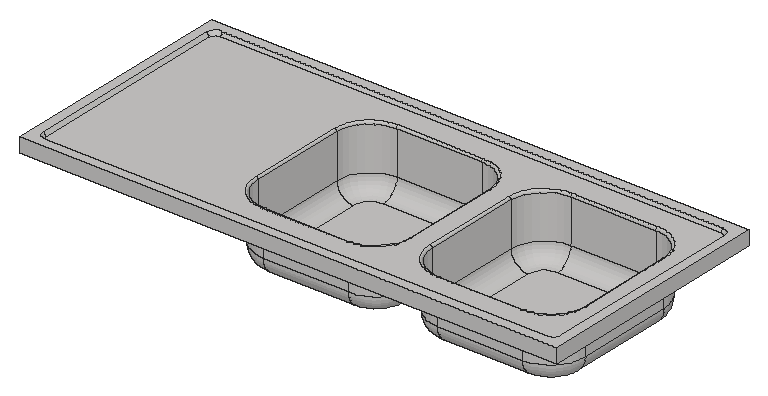
Revit family
Parameters (values of type "1200 X 535")
  Waste Connection Diameter = 40 mm
  Width Of Bowl = 370 mm
  Waste Connection Radius = Waste Connection Diameter / 2  # 20 mm
  Waste Connection = 1 = 1  # yes
  WFU = 0
  Vent Connection = 1 = 0  # no
  URL = "http://www.autospec.co.za/browse.php?id=1937217983"
  Product Code = "SSO-1200-DE"
  OmniClass Title = ""
  OmniClass Number = ""
  Modspec Classification = ""
  Specification = ""
  Material = Stainless Steel Grade 304
  Location (revit room) = ""
  Length Of Bowl = 340 mm
  HW Connection = 1 = 0  # no
  Description = ""
  Depth Of Bowl = 150 mm
  Colour = none
  CW Connection = 1 = 0  # no
  Body Finish = none
  Width = 535 mm
  Model = "Right Hand Sit-On Sink Double End Bowl SSO-1200-DE"
  Manufacturer = "Kwikot"  # constant formula
  Length = 1200 mm
  Assembly Code = "D2010410"
Reference planes
  plane 1 "Center (Front/Back)": y = 0
  plane 2 "Bottom": z = 0
  plane 3 "Center (Left/Right)": x = 0
  plane 4 "Right": x = 1200
  plane 5 "Back": y = 535
  plane 6 "Top": z = 150
  plane 7: z = 118
  plane 8: x = 405
  plane 9: x = 745
  plane 10: y = 267.5
  plane 11: y = 452.5
  plane 12: y = 82.5
  plane 13: x = 575
  plane 14: z = 142
  plane 15: x = 795
  plane 16: x = 1135
  plane 17: x = 965
Forms (mm)
  Sweep 1, solid, material "Stainless Steel Grade 304" <- "Material"
    path origin (-60.109, -1524, 150) x (-1, 0, 0) y (0, -1, 0)
      loop
        line (-60.109, -2059) -> (-60.109, -1524) -> (-1260.109, -1524) -> (-1260.109, -2059) -> (-60.109, -2059)
    profile origin (600, 535, 150) x (0, 1, 0) y (0, 0, 1)
      loop
        line (-15, 0) -> (-15, -10.5) -> (-2.5, -10.5) -> (-2.5, -29.5) -> (-10, -29.5) -> (-10, -32) -> (0, -32) -> (0, 0) -> (-15, 0)
  Extrusion 2, solid, material "Stainless Steel Grade 304" <- "Material"
    sketch origin (-60.109, -1524, 150) x (-1, 0, 0) y (0, -1, 0)
      loop
        line (-75.109, -1539) -> (-1245.109, -1539) -> (-1245.109, -2044) -> (-75.109, -2044) -> (-75.109, -1539)
    from 0 to -10.5
  Extrusion 3, void
    sketch origin (-60.109, -1524, 150) x (0, -1, 0) y (-1, 0, 0)
      loop
        line (-1976.5, -540.109) -> (-1976.5, -730.109)
        arc (-1976.5, -730.109) -> (-1954.533, -783.142) -> (-1901.5, -805.109) r 75
        line (-1901.5, -805.109) -> (-1681.5, -805.109)
        arc (-1681.5, -805.109) -> (-1628.467, -783.142) -> (-1606.5, -730.109) r 75
        line (-1606.5, -730.109) -> (-1606.5, -540.109)
        arc (-1606.5, -540.109) -> (-1628.467, -487.076) -> (-1681.5, -465.109) r 75
        line (-1681.5, -465.109) -> (-1901.5, -465.109)
        arc (-1901.5, -465.109) -> (-1954.533, -487.076) -> (-1976.5, -540.109) r 75
      loop
        line (-1976.5, -930.109) -> (-1976.5, -1120.109)
        arc (-1976.5, -1120.109) -> (-1954.533, -1173.142) -> (-1901.5, -1195.109) r 75
        line (-1901.5, -1195.109) -> (-1681.5, -1195.109)
        arc (-1681.5, -1195.109) -> (-1628.467, -1173.142) -> (-1606.5, -1120.109) r 75
        line (-1606.5, -1120.109) -> (-1606.5, -930.109)
        arc (-1606.5, -930.109) -> (-1628.467, -877.076) -> (-1681.5, -855.109) r 75
        line (-1681.5, -855.109) -> (-1901.5, -855.109)
        arc (-1901.5, -855.109) -> (-1954.533, -877.076) -> (-1976.5, -930.109) r 75
    from 0 to 10.5
  Sweep 4, solid, material "Stainless Steel Grade 304" <- "Material"
    path origin (-60.109, -1524, 150) x (-1, 0, 0) y (0, -1, 0)
      loop
        arc (-540.109, -1976.5) -> (-487.076, -1954.533) -> (-465.109, -1901.5) r 75
        line (-465.109, -1901.5) -> (-465.109, -1681.5)
        arc (-465.109, -1681.5) -> (-487.076, -1628.467) -> (-540.109, -1606.5) r 75
        line (-540.109, -1606.5) -> (-730.109, -1606.5)
        arc (-730.109, -1606.5) -> (-783.142, -1628.467) -> (-805.109, -1681.5) r 75
        line (-805.109, -1681.5) -> (-805.109, -1901.5)
        arc (-805.109, -1901.5) -> (-783.142, -1954.533) -> (-730.109, -1976.5) r 75
        line (-730.109, -1976.5) -> (-540.109, -1976.5)
    profile origin (575, 452.5, 150) x (0, 1, 0) y (0, 0, 1)
      loop
        line (0, -10.5) -> (0, -110)
        arc (0, -110) -> (-10.983, -136.517) -> (-37.5, -147.5) r 37.5
        line (-37.5, -147.5) -> (-37.5, -150)
        arc (-37.5, -150) -> (-9.216, -138.284) -> (2.5, -110) r 40
        line (2.5, -110) -> (2.5, -10.5) -> (0, -10.5)
  Extrusion 5, solid, material "Stainless Steel Grade 304" <- "Material"
    sketch origin (0, 0, 0) x (1, 0, 0) y (0, 1, 0)
      loop
        arc (442.5, 157.5) -> (453.483, 130.983) -> (480, 120) r 37.5
        line (480, 120) -> (670, 120)
        arc (670, 120) -> (696.517, 130.983) -> (707.5, 157.5) r 37.5
        line (707.5, 157.5) -> (707.5, 377.5)
        arc (707.5, 377.5) -> (696.517, 404.017) -> (670, 415) r 37.5
        line (670, 415) -> (480, 415)
        arc (480, 415) -> (453.483, 404.017) -> (442.5, 377.5) r 37.5
        line (442.5, 377.5) -> (442.5, 157.5)
      loop
        circle (575, 267.5) r 20
    from 0 to 2.5
  Blend 6, void
    base sketch origin (0, 0, 150) x (-1, 0, 0) y (0, -1, 0)
      loop
        line (-20, -495) -> (-20, -40)
        arc (-20, -40) -> (-25.858, -25.858) -> (-40, -20) r 20
        line (-40, -20) -> (-1160, -20)
        arc (-1160, -20) -> (-1174.142, -25.858) -> (-1180, -40) r 20
        line (-1180, -40) -> (-1180, -495)
        arc (-1180, -495) -> (-1174.142, -509.142) -> (-1160, -515) r 20
        line (-1160, -515) -> (-40, -515)
        arc (-40, -515) -> (-25.858, -509.142) -> (-20, -495) r 20
    top sketch origin (0, 0, 150) x (-1, 0, 0) y (0, -1, 0)
      loop
        line (-25, -495) -> (-25, -40)
        arc (-25, -40) -> (-29.393, -29.393) -> (-40, -25) r 15
        line (-40, -25) -> (-1160, -25)
        arc (-1160, -25) -> (-1170.607, -29.393) -> (-1175, -40) r 15
        line (-1175, -40) -> (-1175, -495)
        arc (-1175, -495) -> (-1170.607, -505.607) -> (-1160, -510) r 15
        line (-1160, -510) -> (-40, -510)
        arc (-40, -510) -> (-29.393, -505.607) -> (-25, -495) r 15
    from 0 to -8
  Extrusion 7, solid, material "Stainless Steel Grade 304" <- "Material"
    sketch origin (0, 0, 0) x (1, 0, 0) y (0, 1, 0)
      loop
        circle (575, 267.5) r 20
    from 0 to -5
  Sweep 8, solid, material "Stainless Steel Grade 304" <- "Material"
    path origin (-60.109, -1524, 150) x (-1, 0, 0) y (0, -1, 0)
      loop
        arc (-1195.109, -1901.5) -> (-1173.142, -1954.533) -> (-1120.109, -1976.5) r 75
        line (-1120.109, -1976.5) -> (-930.109, -1976.5)
        arc (-930.109, -1976.5) -> (-877.076, -1954.533) -> (-855.109, -1901.5) r 75
        line (-855.109, -1901.5) -> (-855.109, -1681.5)
        arc (-855.109, -1681.5) -> (-877.076, -1628.467) -> (-930.109, -1606.5) r 75
        line (-930.109, -1606.5) -> (-1120.109, -1606.5)
        arc (-1120.109, -1606.5) -> (-1173.142, -1628.467) -> (-1195.109, -1681.5) r 75
        line (-1195.109, -1681.5) -> (-1195.109, -1901.5)
    profile origin (1135, 267.5, 150) x (1, 0, 0) y (0, 0, 1)
      loop
        line (0, -10.5) -> (0, -110)
        arc (0, -110) -> (-10.983, -136.517) -> (-37.5, -147.5) r 37.5
        line (-37.5, -147.5) -> (-37.5, -150)
        arc (-37.5, -150) -> (-9.216, -138.284) -> (2.5, -110) r 40
        line (2.5, -110) -> (2.5, -10.5) -> (0, -10.5)
  Extrusion 9, solid, material "Stainless Steel Grade 304" <- "Material"
    sketch origin (0, 0, 0) x (1, 0, 0) y (0, 1, 0)
      loop
        arc (832.5, 157.5) -> (843.483, 130.983) -> (870, 120) r 37.5
        line (870, 120) -> (1060, 120)
        arc (1060, 120) -> (1086.517, 130.983) -> (1097.5, 157.5) r 37.5
        line (1097.5, 157.5) -> (1097.5, 377.5)
        arc (1097.5, 377.5) -> (1086.517, 404.017) -> (1060, 415) r 37.5
        line (1060, 415) -> (870, 415)
        arc (870, 415) -> (843.483, 404.017) -> (832.5, 377.5) r 37.5
        line (832.5, 377.5) -> (832.5, 157.5)
      loop
        circle (965, 267.5) r 20
    from 0 to 2.5
  Extrusion 10, solid, material "Stainless Steel Grade 304" <- "Material"
    sketch origin (0, 0, 0) x (1, 0, 0) y (0, 1, 0)
      loop
        circle (965, 267.5) r 20
    from 0 to -5
  Sweep 11, void
    path origin (0, 0, 150) x (-1, 0, 0) y (0, -1, 0)
      loop
        line (-670, -452.5) -> (-480, -452.5)
        arc (-480, -452.5) -> (-426.967, -430.533) -> (-405, -377.5) r 75
        line (-405, -377.5) -> (-405, -157.5)
        arc (-405, -157.5) -> (-426.967, -104.467) -> (-480, -82.5) r 75
        line (-480, -82.5) -> (-670, -82.5)
        arc (-670, -82.5) -> (-723.033, -104.467) -> (-745, -157.5) r 75
        line (-745, -157.5) -> (-745, -377.5)
        arc (-745, -377.5) -> (-723.033, -430.533) -> (-670, -452.5) r 75
    profile origin (575, 452.5, 150) x (0, -1, 0) y (0, 0, 1)
      loop
        arc (-5, -8) -> (-1.464, -9.464) -> (0, -13) r 5
        line (0, -13) -> (0, -8) -> (-5, -8)
  Sweep 12, void
    path origin (0, 0, 150) x (-1, 0, 0) y (0, -1, 0)
      loop
        arc (-870, -452.5) -> (-816.967, -430.533) -> (-795, -377.5) r 75
        line (-795, -377.5) -> (-795, -157.5)
        arc (-795, -157.5) -> (-816.967, -104.467) -> (-870, -82.5) r 75
        line (-870, -82.5) -> (-1060, -82.5)
        arc (-1060, -82.5) -> (-1113.033, -104.467) -> (-1135, -157.5) r 75
        line (-1135, -157.5) -> (-1135, -377.5)
        arc (-1135, -377.5) -> (-1113.033, -430.533) -> (-1060, -452.5) r 75
        line (-1060, -452.5) -> (-870, -452.5)
    profile origin (965, 452.5, 150) x (0, 1, 0) y (0, 0, 1)
      loop
        line (0, -8) -> (0, -13)
        arc (0, -13) -> (1.464, -9.464) -> (5, -8) r 5
        line (5, -8) -> (0, -8)
Cuts and joins
  Extrusion 3, Blend 6, Sweep 11, Sweep 12 cuts Sweep 1
  Extrusion 3, Blend 6, Sweep 11, Sweep 12 cuts Extrusion 2
  Blend 6, Sweep 11, Sweep 12 cuts Sweep 4
  Blend 6, Sweep 11, Sweep 12 cuts Extrusion 5
  Sweep 11, Sweep 12 cuts Extrusion 7
  Sweep 11, Sweep 12 cuts Sweep 8
  Sweep 11, Sweep 12 cuts Extrusion 9
  Sweep 11, Sweep 12 cuts Extrusion 10
  joined: Sweep 1, Extrusion 2, Sweep 4, Extrusion 5, Extrusion 7, Sweep 8, Extrusion 9, Extrusion 10
Lines and regions (mm)
  symbolic lines
    curve 1: line (0, 535, 150) -> (0, 0, 150)
    curve 2: line (0, 0, 150) -> (1200, 0, 150)
    curve 3: line (1200, 0, 150) -> (1200, 535, 150)
    curve 4: line (1200, 535, 150) -> (0, 535, 150)
    curve 5: line (20, 40, 150) -> (20, 495, 150)
    curve 6: line (25, 495, 150) -> (25, 40, 150)
    curve 7: arc (20, 495, 150) -> (25.858, 509.142, 150) -> (40, 515, 150) r 20
    curve 8: arc (40, 510, 150) -> (29.393, 505.607, 150) -> (25, 495, 150) r 15
    curve 9: line (40, 515, 150) -> (1160, 515, 150)
    curve 10: line (1160, 510, 150) -> (40, 510, 150)
    curve 11: arc (1160, 515, 150) -> (1174.142, 509.142, 150) -> (1180, 495, 150) r 20
    curve 12: arc (1175, 495, 150) -> (1170.607, 505.607, 150) -> (1160, 510, 150) r 15
    curve 13: line (1175, 40, 150) -> (1175, 495, 150)
    curve 14: line (1180, 495, 150) -> (1180, 40, 150)
    curve 15: arc (1180, 40, 150) -> (1174.142, 25.858, 150) -> (1160, 20, 150) r 20
    curve 16: arc (1160, 25, 150) -> (1170.607, 29.393, 150) -> (1175, 40, 150) r 15
    curve 17: line (1160, 20, 150) -> (40, 20, 150)
    curve 18: line (40, 25, 150) -> (1160, 25, 150)
    curve 19: arc (40, 20, 150) -> (25.858, 25.858, 150) -> (20, 40, 150) r 20
    curve 20: arc (25, 40, 150) -> (29.393, 29.393, 150) -> (40, 25, 150) r 15
    curve 21: line (405, 377.5, 150) -> (405, 157.5, 150)
    curve 22: arc (480, 452.5, 150) -> (426.967, 430.533, 150) -> (405, 377.5, 150) r 75
    curve 23: line (670, 452.5, 150) -> (480, 452.5, 150)
    curve 24: arc (745, 377.5, 150) -> (723.033, 430.533, 150) -> (670, 452.5, 150) r 75
    curve 25: line (745, 157.5, 150) -> (745, 377.5, 150)
    curve 26: arc (670, 82.5, 150) -> (723.033, 104.467, 150) -> (745, 157.5, 150) r 75
    curve 27: line (480, 82.5, 150) -> (670, 82.5, 150)
    curve 28: arc (405, 157.5, 150) -> (426.967, 104.467, 150) -> (480, 82.5, 150) r 75
    curve 33: arc (595, 267.5, 150) -> (575, 247.5, 150) -> (555, 267.5, 150) r 20
    curve 34: arc (555, 267.5, 150) -> (575, 287.5, 150) -> (595, 267.5, 150) r 20
    curve 36: line (870, 452.5, 150) -> (1060, 452.5, 150)
    curve 37: arc (795, 377.5, 150) -> (816.967, 430.533, 150) -> (870, 452.5, 150) r 75
    curve 38: line (795, 157.5, 150) -> (795, 377.5, 150)
    curve 39: arc (1060, 452.5, 150) -> (1113.033, 430.533, 150) -> (1135, 377.5, 150) r 75
    curve 40: line (1135, 377.5, 150) -> (1135, 157.5, 150)
    curve 41: arc (1135, 157.5, 150) -> (1113.033, 104.467, 150) -> (1060, 82.5, 150) r 75
    curve 42: line (1060, 82.5, 150) -> (870, 82.5, 150)
    curve 43: arc (870, 82.5, 150) -> (816.967, 104.467, 150) -> (795, 157.5, 150) r 75
    curve 44: arc (985, 267.5, 150) -> (965, 247.5, 150) -> (945, 267.5, 150) r 20
    curve 45: arc (945, 267.5, 150) -> (965, 287.5, 150) -> (985, 267.5, 150) r 20
  model lines
    curve 29: line (330, 480, 142) -> (330, 75, 142)
    curve 30: line (50, 480, 142) -> (330, 480, 142)
    curve 31: line (50, 75, 142) -> (330, 75, 142)
    curve 32: line (330, 440, 142) -> (50, 440, 142)
    curve 35: line (50, 480, 142) -> (50, 75, 142)
    curve 46: line (330, 460, 142) -> (50, 460, 142)
    curve 47: line (330, 420, 142) -> (50, 420, 142)
    curve 48: line (330, 400, 142) -> (50, 400, 142)
    curve 49: line (330, 380, 142) -> (50, 380, 142)
    curve 50: line (330, 360, 142) -> (50, 360, 142)
    curve 51: line (330, 340, 142) -> (50, 340, 142)
    curve 52: line (330, 320, 142) -> (50, 320, 142)
    curve 53: line (330, 300, 142) -> (50, 300, 142)
    curve 54: line (330, 280, 142) -> (50, 280, 142)
    curve 55: line (330, 260, 142) -> (50, 260, 142)
    curve 56: line (330, 240, 142) -> (50, 240, 142)
    curve 57: line (330, 220, 142) -> (50, 220, 142)
    curve 58: line (330, 200, 142) -> (50, 200, 142)
    curve 59: line (330, 180, 142) -> (50, 180, 142)
    curve 60: line (330, 160, 142) -> (50, 160, 142)
    curve 61: line (330, 140, 142) -> (50, 140, 142)
    curve 62: line (330, 120, 142) -> (50, 120, 142)
    curve 63: line (330, 100, 142) -> (50, 100, 142)
Dimensions and locks
  "Length": plane 3 "Center (Left/Right)" to plane 4 "Right"
  "Width": plane 5 "Back" to plane 1 "Center (Front/Back)"
  "Depth Of Bowl": plane 6 "Top" to plane 2 "Bottom"
  equal spacing: plane 1 "Center (Front/Back)", plane 10, plane 5 "Back"
  "Length Of Bowl": plane 8 to plane 9
  "Width Of Bowl": plane 11 to plane 12
  equal spacing: plane 11, plane 10, plane 12
  equal spacing: plane 8, plane 13, plane 9
  plane 6 "Top" to plane 7 = 32 mm
  Sweep 1 sketch curve to plane 5 "Back" = 10 mm
  Sweep 1 sketch curve to plane 5 "Back" = 15 mm
  plane 6 "Top" to Sweep 1 sketch curve = 10.5 mm
  Sweep 1 sketch curve to plane 5 "Back" = 2.5 mm
  plane 7 to Sweep 1 sketch curve = 2.5 mm
  plane 3 "Center (Left/Right)" to Blend 6 sketch curve = 20 mm
  Blend 6 sketch curve to plane 4 "Right" = 20 mm
  plane 5 "Back" to Blend 6 sketch curve = 20 mm
  plane 1 "Center (Front/Back)" to Blend 6 sketch curve = 20 mm
  var sketch to Blend 6 sketch curve = 5 mm  (x2)
  Blend 6 sketch curve to var sketch = 5 mm
  plane 6 "Top" to plane 14 = 8 mm
  "Length Of Bowl": plane 15 to plane 16
  equal spacing: plane 15, plane 17, plane 16
  plane 9 to plane 15 = 50 mm
  plane 16 to plane 4 "Right" = 65 mm
  plane 3 "Center (Left/Right)" to curve 35 = 50 mm
  radius of Extrusion 3 sketch curve = 75 mm  (x8)
  radius of Sweep 4 sketch curve = 37.5 mm
  radius of Sweep 4 sketch curve = 40 mm
  "Waste Connection Radius": radius of Extrusion 5 sketch curve
  radius of Blend 6 sketch curve = 20 mm  (x4)
  radius of Blend 6 sketch curve = 15 mm  (x4)
  radius of Sweep 8 sketch curve = 37.5 mm
  radius of Sweep 8 sketch curve = 40 mm
  "Waste Connection Radius": radius of Extrusion 9 sketch curve
  aligned and locked: level to plane 2 "Bottom"
  aligned and locked: Sweep 1 sketch curve to plane 5 "Back"
  aligned and locked: plane 3 "Center (Left/Right)" to Sweep 1 sketch curve
  aligned and locked: Sweep 1 sketch curve to plane 1 "Center (Front/Back)"
  aligned and locked: plane 4 "Right" to Sweep 1 sketch curve
  aligned and locked: Sweep 1 sketch curve to profile plane
  aligned and locked: plane 7 to Sweep 1 sketch curve
  aligned and locked: profile plane to Sweep 1 sketch curve
  aligned and locked: Extrusion 2 sketch curve to Sweep 1  (x4)
  aligned and locked: Sweep 1 to Extrusion 2
  aligned and locked: plane 6 "Top" to Extrusion 2
  aligned and locked: plane 11 to Extrusion 3 sketch curve  (x2)
  aligned and locked: Extrusion 3 sketch curve to plane 8
  aligned and locked: Extrusion 3 sketch curve to plane 12  (x2)
  aligned and locked: plane 9 to Extrusion 3 sketch curve
  aligned and locked: Sweep 1 to Extrusion 3
  aligned and locked: plane 6 "Top" to Extrusion 3
  aligned and locked: Sweep 4 sketch curve to cut or joined group 1 (Sweep 1, Extrusion 2, Extrusion 3, Sweep 4, Extrusion 5, Blend 6, Extrusion 7, Sweep 8, Extrusion 9, Extrusion 10, Sweep 11, Sweep 12)  (x5)
  aligned and locked: cut or joined group 1 to Sweep 4 sketch curve
  aligned and locked: plane 2 "Bottom" to Sweep 4 sketch curve
  aligned and locked: Extrusion 5 sketch curve to cut or joined group 1  (x4)
  aligned and locked: plane 10 to Extrusion 5 sketch curve
  aligned and locked: curve 1 to cut or joined group 1
  aligned and locked: curve 2 to cut or joined group 1
  aligned and locked: curve 3 to cut or joined group 1
  aligned and locked: curve 4 to cut or joined group 1
  aligned and locked: curve 7 to cut or joined group 1
  aligned and locked: curve 8 to cut or joined group 1
  aligned and locked: curve 11 to cut or joined group 1
  aligned and locked: curve 12 to cut or joined group 1
  aligned and locked: curve 15 to cut or joined group 1
  aligned and locked: curve 16 to cut or joined group 1
  aligned and locked: curve 19 to cut or joined group 1
  aligned and locked: curve 20 to cut or joined group 1
  aligned and locked: curve 22 to cut or joined group 1
  aligned and locked: curve 24 to cut or joined group 1
  aligned and locked: curve 26 to cut or joined group 1
  aligned and locked: curve 28 to cut or joined group 1
  aligned and locked: Extrusion 7 sketch curve to cut or joined group 1  (x2)
  aligned and locked: curve 33 to cut or joined group 1
  aligned and locked: curve 34 to cut or joined group 1
  aligned and locked: plane 13 to Extrusion 5 sketch curve
  aligned and locked: Extrusion 3 sketch curve to plane 15
  aligned and locked: plane 16 to Extrusion 3 sketch curve
  aligned and locked: Sweep 8 sketch curve to cut or joined group 1  (x4)
  aligned and locked: cut or joined group 1 to Sweep 8 sketch curve
  aligned and locked: Sweep 8 sketch curve to profile plane
  aligned and locked: plane 2 "Bottom" to Sweep 8 sketch curve
  aligned and locked: Extrusion 9 sketch curve to Sweep 8  (x4)
  aligned and locked: plane 17 to Extrusion 9 sketch curve
  aligned and locked: plane 10 to Extrusion 9 sketch curve
  aligned and locked: Extrusion 10 sketch curve to cut or joined group 1  (x2)
  aligned and locked: Sweep 11 sketch curve to cut or joined group 1  (x4)
  aligned and locked: cut or joined group 1 to Sweep 11 sketch curve
  aligned and locked: profile plane to Sweep 11 sketch curve
  aligned and locked: curve 37 to cut or joined group 1
  aligned and locked: curve 39 to cut or joined group 1
  aligned and locked: curve 41 to cut or joined group 1
  aligned and locked: curve 43 to cut or joined group 1
  aligned and locked: curve 44 to cut or joined group 1
  aligned and locked: curve 45 to cut or joined group 1
  aligned and locked: Sweep 12 sketch curve to cut or joined group 1  (x4)
  aligned and locked: profile plane to Sweep 12 sketch curve
  aligned and locked: cut or joined group 1 to Sweep 12 sketch curve
Automatic sketch dimensions
  Sweep 4 sketch curve to Sweep 4 sketch curve = 0 mm
  curve 32 to plane 11 = 12.5 mm
  curve 31 to plane 12 = 7.5 mm
  Sweep 8 sketch curve to Sweep 8 sketch curve = 0 mm
  Sweep 11 sketch curve to Sweep 11 sketch curve = 5 mm  (x4)
  Sweep 11 sketch curve to profile plane = 0 mm
  Sweep 12 sketch curve to Sweep 12 sketch curve = 5 mm  (x2)
  Sweep 12 sketch curve to Sweep 12 sketch curve = 0 mm  (x2)
  Sweep 12 sketch curve to profile plane = 0 mm
  plane 11 to curve 46 = 7.5 mm
  curve 47 to curve 48 = 20 mm
  curve 48 to curve 49 = 20 mm
  curve 49 to curve 50 = 20 mm
  curve 50 to curve 51 = 20 mm
  curve 51 to curve 52 = 20 mm
  curve 52 to curve 53 = 20 mm
  plane 10 to curve 54 = 12.5 mm
  curve 55 to plane 10 = 7.5 mm
  curve 55 to curve 56 = 20 mm
  curve 56 to curve 57 = 20 mm
  curve 57 to curve 58 = 20 mm
  curve 58 to curve 59 = 20 mm
  curve 59 to curve 60 = 20 mm
  curve 60 to curve 61 = 20 mm
  curve 61 to curve 62 = 20 mm
  plane 12 to curve 63 = 17.5 mm
  curve 32 to curve 47 = 20 mm
  curve 63 to plane 8 = 75 mm
  Blend 6 sketch curve to plane 5 "Back" = 40 mm
  curve 29 to curve 46 = 20 mm
Connectors
  piping at (575, 267.5, -5), driven by "Waste Connection Radius", driven by "WFU"
    settings: on cut or joined group 1, index 1, connector radius 20 mm, flow factor 0, pipe flow 0.0 L/s, pressure drop 0.0 Pa, fitting loss kfactor 0, connector angle 0.00°, fixture units 0, flow configuration 3, flow direction 2, fitting loss method 4, system type 16, connector reference index -1, connector utility 0, adjustable connector no, is connector primary yes, fitting loss table "", connector description "Waste Connection"
  piping at (965, 267.5, -5), driven by "Waste Connection Radius", driven by "WFU"
    settings: on cut or joined group 1, index 2, connector radius 20 mm, flow factor 0, pipe flow 0.0 L/s, pressure drop 0.0 Pa, fitting loss kfactor 0, connector angle 0.00°, fixture units 0, flow configuration 3, flow direction 2, fitting loss method 4, system type 16, connector reference index -1, connector utility 0, adjustable connector no, is connector primary no, fitting loss table "", connector description "Waste Connection"
